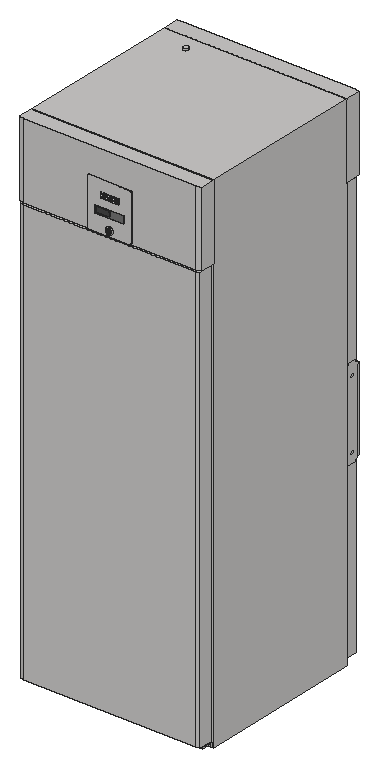
Revit family "QF_ZANUSSI_110883_ZRI075R2FGT", category Specialty Equipment, Revit 2018
Family settings
  Round Connector Dimension = Use Diameter
  Part Type = Normal
  Work Plane-Based = No
  Always vertical = Yes
  Cut with Voids When Loaded = No
  Shared = No
  Room Calculation Point = No
Parameters (values of type "Standard")
  Weight = 145.00 kg
  Watts = 34.3741 W
  Volts = 220 V
  URL Manufacturer = "http://www.zanussiprofessional.com"
  URL = "http://www.zanussiprofessional.com"
  Steam Supply Size = 0 mm
  Steam Supply Minimum Pressure = 0.0 Pa
  Steam Supply Maximum Pressure = 0.0 Pa
  Steam Pounds per Hour = 0
  Refrigeration Suction Line Size = 0 mm
  Refrigeration Liquid Line Size = 0 mm
  Refrigerant Compressor Remote = yes
  Manufacturer = "Zanussi"
  Phase = 1
  Model = "ZRI075R2FGT"
  Length Actual = 750 mm  # constant formula
  Item Number = "110883"
  Hot Water Size = 0 mm
  Height Actual = 2101 mm  # constant formula
  HP = "0.5 HP"
  Gas Size = 0 mm
  Gas KW = 0
  Gas Input Pressure = 0 W
  Description = "1-FULL+1GLASS DOOR ROLL-THRU REFRIGERATOR 750 LT+2°C R290"
  Depth Actual = 832 mm  # constant formula
  Cycle = 50 Hz
  Condensate Return Size = 0 mm
  Compressed Air Volume = 0.0 L/s
  Compressed Air Size = 0 mm
  Compressed Air Pressure = 0.0 Pa
  Cold Water Size = 0 mm
  Accessory = yes
Types (2, lengths in mm): name | URL | Manufacturer | Phase | Model | Description
  (no name) | 0 | 0 | 0 | 0 | 0
  Standard | "http://www.zanussiprofessional.com" | "Zanussi" | 1 | "ZRI075R2FGT" | "1-FULL+1GLASS DOOR ROLL-THRU REFRIGERATOR 750 LT+2°C R290"
Values of the unnamed type that differ from the named types
  Watts = 0 W
  Volts = 0 V
  URL Manufacturer = ""
  Item Number = ""
  HP = ""
  Cycle = 0 Hz
Reference planes
  plane 1: z = 0
  plane 2 "Center (Left/Right)": x = 0
  plane 3 "TOP": z = 2101
  plane 4 "FRONT": y = -480
  plane 5 "LEFT": x = -375
  plane 6 "RIGHT": x = 375
  plane 7 "BACK": y = 352
  plane 8 "Center (Front/Back)": y = -64
Forms (mm)
  Extrusion 1, solid, material "QF_Finishes_Stainless Steel"
    sketch origin (0, 0, 0) x (1, 0, 0) y (0, 1, 0)
      loop
        line (-375, 280) -> (-375, -408) -> (375, -408) -> (375, 280) -> (-375, 280)
    from 0 to 2101
  Extrusion 2, solid, material "QF_Clearances", detail levels coarse
    sketch origin (0, 0, 2101) x (-1, 0, 0) y (0, -1, 0)
      loop
        line (425, 480) -> (-425, 480) -> (-425, -352) -> (425, -352) -> (425, 480)
    from 0 to 500
  Extrusion 3, solid, material "QF_Clearances", detail levels coarse
    sketch origin (0, 0, 0) x (1, 0, 0) y (0, 1, 0)
      loop
        line (-425, 352) -> (-425, -480) -> (-375, -480) -> (-375, 352) -> (-425, 352)
      loop
        line (425, 352) -> (375, 352) -> (375, -480) -> (425, -480) -> (425, 352)
    from 0 to 2101
  Extrusion 4, void
    sketch origin (0, 408, 0) x (-1, 0, 0) y (0, 0, 1)
      loop
        line (315, 1738.5) -> (-315, 1738.5) -> (-315, 25) -> (315, 25) -> (315, 1738.5)
    from -128 to -816
  Extrusion 5, solid, material "QF_Finishes_Stainless Steel"
    sketch origin (0, 0, 2101) x (-1, 0, 0) y (0, -1, 0)
      loop
        circle (235, -212) r 10
    from 5 to 0
Cuts and joins
  joined: Extrusion 2, Extrusion 3
  Extrusion 4 cuts Extrusion 1
Lines and regions (mm)
  symbolic lines, style "QF_Clearances", detail levels coarse
    curve 1: line (-375, -480, 2101) -> (-425, -480, 2101)
    curve 2: line (-425, -480, 2101) -> (-425, 352, 2101)
    curve 3: line (-425, 352, 2101) -> (-375, 352, 2101)
    curve 4: line (425, 352, 2101) -> (425, -480, 2101)
    curve 5: line (425, -480, 2101) -> (375, -480, 2101)
    curve 6: line (-375, -480, 2101) -> (-375, 352, 2101)
    curve 7: line (375, 352, 2101) -> (375, -480, 2101)
    curve 8: line (375, 352, 2101) -> (425, 352, 2101)
  symbolic lines
    curve 9: circle (-235, 212, 2101) r 10 normal (0, 0, 1)
Dimensions and locks
  equal spacing: plane 5 "LEFT", plane 2 "Center (Left/Right)", plane 6 "RIGHT"
  plane 5 "LEFT" to plane 6 "RIGHT" = 750 mm
  plane 3 "TOP" to plane 1 = 2101 mm
  equal spacing: plane 6 "RIGHT", plane 2 "Center (Left/Right)", plane 5 "LEFT"
  cut or joined group of Extrusion 1, Extrusion 4 to cut or joined group of Extrusion 1, Extrusion 4 = 630 mm
  nested 1 to nested 1 = 16 mm
  cut or joined group of Extrusion 2, Extrusion 3 to plane 5 "LEFT" = 50 mm
  cut or joined group of Extrusion 1, Extrusion 4 to cut or joined group of Extrusion 2, Extrusion 3 = 50 mm
  equal spacing: plane 4 "FRONT", plane 8 "Center (Front/Back)", plane 7 "BACK"
  plane 4 "FRONT" to plane 7 "BACK" = 832 mm
  nested 3 to nested 1 = 820 mm
  nested 3 to nested 1 = 1505 mm
  nested 3 to nested 1 = 1504 mm
  nested 3 to nested 1 = 2189 mm
  cut or joined group of Extrusion 2, Extrusion 3 to plane 3 "TOP" = 500 mm
  aligned and locked: level to plane 1
Automatic sketch dimensions
  Extrusion 1 sketch curve to plane 5 "LEFT" = 0 mm
  Extrusion 1 sketch curve to plane 6 "RIGHT" = 0 mm
  plane 4 "FRONT" to Extrusion 1 sketch curve = 72 mm
  level to Extrusion 4 sketch curve = 25 mm
  plane 6 "RIGHT" to Extrusion 4 sketch curve = 60 mm
  plane 5 "LEFT" to Extrusion 4 sketch curve = 60 mm
  Extrusion 4 sketch curve to plane 3 "TOP" = 362.5 mm
  plane 7 "BACK" to Extrusion 3 sketch curve = 0 mm  (x2)
  Extrusion 3 sketch curve to plane 4 "FRONT" = 0 mm  (x2)
  Extrusion 3 sketch curve to plane 5 "LEFT" = 0 mm
  Extrusion 3 sketch curve to plane 6 "RIGHT" = 0 mm
  Extrusion 3 sketch curve to plane 5 "LEFT" = 50 mm
  Extrusion 3 sketch curve to plane 6 "RIGHT" = 50 mm
  plane 7 "BACK" to Extrusion 2 sketch curve = 0 mm
  Extrusion 2 sketch curve to Extrusion 2 sketch curve = 850 mm
  Extrusion 2 sketch curve to plane 4 "FRONT" = 0 mm
  Extrusion 2 sketch curve to plane 6 "RIGHT" = 50 mm
  plane 7 "BACK" to Extrusion 1 sketch curve = 72 mm
  plane 5 "LEFT" to Extrusion 5 sketch curve = 140 mm
  plane 7 "BACK" to Extrusion 5 sketch curve = 140 mm
  curve 5 to plane 4 "FRONT" = 0 mm
  plane 7 "BACK" to curve 8 = 0 mm
  curve 8 to plane 6 "RIGHT" = 0 mm
  curve 1 to plane 4 "FRONT" = 0 mm
  curve 1 to plane 5 "LEFT" = 0 mm
  plane 7 "BACK" to curve 2 = 0 mm
  curve 4 to plane 6 "RIGHT" = 50 mm
  plane 5 "LEFT" to curve 9 = 140 mm
  curve 1 to curve 1 = 50 mm
  plane 7 "BACK" to curve 9 = 140 mm
  radius of Extrusion 5 sketch curve = 10 mm
  radius of curve 9 = 10 mm
Nested families
  nested 1: "QF_110883_Door" at (0, -408, 1050.5) x (1, 0, 0) z (0, -1, 0), type "QF_110883_Door"
    with Show Clearance yes
  nested 2: "Refrigerator" at (370, -442.5, 110), type "Refrigerator"
  nested 3: "QF_110883_GlassDoor" at (0, 280, 1050.5) x (-1, 0, 0) z (0, 1, 0), type "QF_110883_GlassDoor"
    with Show Clearance yes
Connectors
  electrical at (-235, 212, 2106), driven by "Volts"
    settings: on Extrusion 5, index 3, voltage 220 V, apparent load 0 VA, apparent load phase1 0 VA, apparent load phase2 0 VA, apparent load phase3 0 VA, power factor 1, load classification "Other", number of poles 1, system type 30, power factor state 1, is connector primary yes, connector utility no, sub classification motor no, connector description "Electrical Connection"
Definition of nested family "QF_110883_Door"
  Parameters
    Show Clearance [instance] = yes
    Model = "110883"
    Default Elevation = 1219.2 mm
  Reference planes
    plane 1 "Center (Front/Back)": y = 0
    plane 2: z = 0
    plane 3 "Center (Left/Right)": x = 0
  Forms (mm)
    Extrusion 1, solid
      sketch origin (0, -919.2, 0) x (1, 0, 0) y (0, 1, 0)
        loop
          line (-740, 2119.2) -> (-740, -324.806) -> (846.344, -324.806) -> (846.344, 2119.2) -> (-740, 2119.2)
      from 0 to -59.546
    Extrusion 2, solid
      sketch origin (0, 0, 0) x (1, 0, 0) y (0, 0, 1)
        loop
          line (-375, 60.667) -> (-375, 0) -> (375, 0) -> (375, 60.667) -> (355, 66) -> (-355, 66) -> (-375, 60.667)
      from -1050.5 to -740.5
    Extrusion 3, solid
      sketch origin (0, 0, 0) x (1, 0, 0) y (0, 0, 1)
        loop
          line (-370, 62) -> (-370, 26) -> (-348, 26) -> (-348, 8) -> (-330, 8) -> (-330, 0) -> (362, 0) -> (362, 8) -> (370, 8) -> (370, 62) -> (355, 66) -> (-355, 66) -> (-370, 62)
      from -733.5 to 1025.5
    Extrusion 4, solid
      sketch origin (147, -711.5, 0) x (0, 1, 0) y (0, 0, 1)
        loop
          line (-323.003, 40.312) -> (-316.501, 40.312) -> (-316.501, 42.812) -> (-325.503, 42.812) -> (-325.503, 2.5) -> (-339, 2.5) -> (-339, 0) -> (-323.003, 0) -> (-323.003, 12.259) -> (-323.003, 40.312)
        loop
          line (-314, 38.311) -> (-316.501, 38.311) -> (-316.501, 14.304) -> (-319.752, 14.304) -> (-319.752, 11.804) -> (-314, 11.804) -> (-314, 38.311)
      from 185 to 220
    Extrusion 5, solid
      sketch origin (147, 499.597, 0) x (0, 1, 0) y (0, 0, 1)
        loop
          line (233.903, 27.948) -> (233.903, 2.948) -> (233.903, 0) -> (240.903, 0) -> (240.903, 2.5) -> (236.403, 2.5) -> (236.403, 27.948) -> (233.903, 27.948)
      from 185 to 220
    Extrusion 6, solid, detail levels coarse
      sketch origin (24, 1013.369, -334) x (-1, 0, 0) y (0, 0, -1)
        loop
          line (-367, -352) -> (-367, -1084) -> (-329, -1084) -> (-329, -1062) -> (-311, -1062) -> (-311, -1044) -> (-303, -1044) -> (-303, -400) -> (-351, -400) -> (-351, -352) -> (-367, -352)
      from 2038.869 to 279.869
    Extrusion 7, solid, detail levels coarse
      sketch origin (41, 1123.369, -334) x (1, 0, 0) y (0, 0, 1)
        loop
          line (286, 400) -> (286, 1044) -> (294, 1044) -> (294, 1062) -> (312, 1062) -> (312, 1084)
          arc (312, 1084) -> (-184.675, 884.882) -> (-411, 400) r 727.877
          line (-411, 400) -> (286, 400)
      from 2148.869 to 389.869
  Lines and regions (mm)
    symbolic lines
      curve 1: line (-375, 0, 0) -> (-375, 0, 60.667)
      curve 2: line (375, 0, 0) -> (-375, 0, 0)
      curve 3: line (391, 0, 18) -> (391, 0, 750)
      curve 4: line (327, 0, 66) -> (327, 0, 710)
      curve 5: line (391, 0, 750) -> (353, 0, 750)
      curve 6: line (353, 0, 728) -> (353, 0, 750)
      curve 7: line (335, 0, 728) -> (353, 0, 728)
      curve 8: line (335, 0, 710) -> (335, 0, 728)
      curve 9: line (327, 0, 710) -> (335, 0, 710)
      curve 10: line (375, 0, 18) -> (391, 0, 18)
      curve 11: arc (353, 0, 750) -> (-143.675, 0, 550.882) -> (-370, 0, 66) r 727.877
      curve 12: line (375, 0, 0) -> (375, 0, 60.667)
      curve 13: line (-355, 0, 66) -> (-375, 0, 60.667)
      curve 14: line (355, 0, 66) -> (-355, 0, 66)
      curve 15: line (375, 0, 60.667) -> (355, 0, 66)
  Dimensions and locks
    Extrusion 4 to Extrusion 2 = 2101 mm
    Extrusion 3 to Extrusion 3 = 740 mm
    aligned and locked: plane 2 to Extrusion 1
    aligned and locked: level to Extrusion 1
  Nested families
    nested 1: "QF_DisplayNewRollCabinets_ZAN" at (0, 840.5, 66), type "QF_DisplayNewRollCabinets_ZAN"
      with Show Clearance yes
  Definition of nested family "QF_DisplayNewRollCabinets_ZAN"
    Parameters
      Show Clearance [instance] = yes
      Model = "728658"
      Default Elevation = 1219.2 mm
    Reference planes
      plane 1 "Center (Front/Back)": y = 0
      plane 2: z = 0
      plane 3 "Center (Left/Right)": x = 0
    Forms (mm)
      Extrusion 1, solid
        sketch origin (0, -919.2, 0) x (1, 0, 0) y (0, 1, 0)
          loop
            line (-198.75, 1146.2) -> (-198.75, 709.567) -> (165.741, 709.567) -> (165.741, 1146.2) -> (-198.75, 1146.2)
        from 0 to -59.546
      Extrusion 2, solid
        sketch origin (-59, -79.611, 0) x (0, 1, 0) y (-1, 0, 0)
          loop
            circle (0.611, -59) r 14
          loop
            circle (0.611, -59) r 10
        from 1.6 to 6
      Extrusion 3, solid
        sketch origin (744.635, 285.889, 0) x (0, 1, 0) y (-1, 0, 0)
          loop
            circle (-364.889, 744.635) r 10
          loop
            circle (-364.889, 744.635) r 9
        from 1.6 to 6
      Extrusion 4, solid
        sketch origin (744.635, 285.889, 0) x (0, 1, 0) y (-1, 0, 0)
          loop
            circle (-364.889, 744.635) r 8.7
        from 1.6 to 6
      Extrusion 5, void
        sketch origin (744.635, 285.889, 0) x (0, 1, 0) y (-1, 0, 0)
          loop
            line (-372.339, 745.885) -> (-372.339, 743.385) -> (-362.339, 743.385) -> (-362.339, 745.885) -> (-372.339, 745.885)
        from 3 to 7
      Extrusion 6, solid
        sketch origin (0, 0, 0) x (1, 0, 0) y (0, 1, 0)
          loop
            arc (-90, -95) -> (-88.536, -98.536) -> (-85, -100) r 5
            line (-85, -100) -> (85, -100)
            arc (85, -100) -> (88.536, -98.536) -> (90, -95) r 5
            line (90, -95) -> (90, 95)
            arc (90, 95) -> (88.536, 98.536) -> (85, 100) r 5
            line (85, 100) -> (-85, 100)
            arc (-85, 100) -> (-88.536, 98.536) -> (-90, 95) r 5
            line (-90, 95) -> (-90, -95)
          loop
            line (-60, -3.798) -> (-60, -32.827) -> (60, -32.827) -> (60, -3.798) -> (-60, -3.798)
        from 0 to 1.6
      Extrusion 7, solid
        sketch origin (0, 0, 0) x (1, 0, 0) y (0, 1, 0)
          loop
            line (-60, -3.798) -> (-60, -32.827) -> (60, -32.827) -> (60, -3.798) -> (-60, -3.798)
          loop
            line (-56.428, -8.037) -> (-56.428, -28.331) -> (0, -28.331) -> (0, -8.037) -> (-56.428, -8.037)
        from 0 to 1.6
      Extrusion 8, solid
        sketch origin (0, 0, 0) x (1, 0, 0) y (0, 1, 0)
          loop
            line (-56.428, -8.037) -> (-56.428, -28.331) -> (0, -28.331) -> (0, -8.037) -> (-56.428, -8.037)
        from 0 to 1.6
      Extrusion 9, solid
        sketch origin (0, 15, 0) x (1, 0, 0) y (0, 1, 0)
          loop
            line (-24.658, 16.724) -> (-24.658, 20.689) -> (-30.605, 20.689) -> (-24.658, 32.81) -> (-24.658, 36.095) -> (-34.514, 36.095) -> (-34.514, 32.47) -> (-29.303, 32.583) -> (-34.967, 20.689) -> (-34.967, 16.724) -> (-24.658, 16.724)
          loop
            line (-18.968, 23.974) -> (-16.702, 23.974) -> (-17.835, 32.784) -> (-18.968, 23.974)
          loop
            line (-19.988, 16.724) -> (-19.421, 20.462) -> (-16.136, 20.462) -> (-15.57, 16.724) -> (-11.491, 16.724) -> (-15.116, 36.095) -> (-20.554, 36.095) -> (-24.066, 16.724) -> (-19.988, 16.724)
          loop
            line (-10.989, 36.095) -> (-10.989, 16.724) -> (-7.478, 16.724) -> (-7.478, 29.525) -> (-4.192, 16.724) -> (0.113, 16.724) -> (0.113, 36.095) -> (-3.512, 36.095) -> (-3.512, 23.747) -> (-6.798, 36.095) -> (-10.989, 36.095)
          loop
            arc (1.019, 21.515) -> (5.865, 16.692) -> (11.328, 20.802) r 5.22
            line (11.328, 20.802) -> (11.328, 36.095) -> (7.363, 36.095) -> (7.363, 21.708)
            arc (7.363, 21.708) -> (6.321, 20.507) -> (4.984, 21.368) r 1.214
            line (4.984, 21.368) -> (4.984, 36.095) -> (1.019, 36.095) -> (1.019, 21.515)
          loop
            line (18.691, 29.978) -> (22.43, 29.978) -> (22.491, 31.739)
            arc (22.491, 31.739) -> (22.231, 33.702) -> (20.999, 35.254) r 3.719
            arc (20.999, 35.254) -> (17.381, 36.433) -> (13.762, 35.254) r 6.139
            arc (13.762, 35.254) -> (12.287, 32.389) -> (12.47, 29.172) r 6.125
            arc (12.47, 29.172) -> (13.682, 27.393) -> (15.169, 25.838) r 13.068
            line (15.169, 25.838) -> (16.84, 24.357)
            arc (16.84, 24.357) -> (17.826, 23.519) -> (18.593, 22.477) r 5.571
            arc (18.593, 22.477) -> (18.403, 20.654) -> (16.617, 20.247) r 1.573
            arc (16.617, 20.247) -> (16.079, 20.792) -> (15.849, 21.521) r 1.631
            arc (15.849, 21.521) -> (15.831, 22.035) -> (15.849, 22.549) r 7.441
            arc (15.849, 22.549) -> (15.866, 23.035) -> (15.849, 23.521) r 7.03
            line (15.849, 23.521) -> (11.894, 23.521)
            arc (11.894, 23.521) -> (11.932, 20.748) -> (13.025, 18.199) r 7.131
            arc (13.025, 18.199) -> (18.19, 16.728) -> (22.54, 19.877) r 6.148
            arc (22.54, 19.877) -> (22.619, 23.128) -> (21.224, 26.067) r 7.021
            line (21.224, 26.067) -> (16.879, 29.978)
            arc (16.879, 29.978) -> (16.291, 30.717) -> (15.976, 31.606) r 2.858
            arc (15.976, 31.606) -> (17.094, 33.203) -> (18.691, 32.085) r 1.379
            line (18.691, 32.085) -> (18.691, 29.978)
          loop
            line (29.989, 29.978) -> (33.728, 29.978) -> (33.789, 31.739)
            arc (33.789, 31.739) -> (33.529, 33.702) -> (32.297, 35.254) r 3.719
            arc (32.297, 35.254) -> (28.679, 36.433) -> (25.061, 35.254) r 6.139
            arc (25.061, 35.254) -> (23.585, 32.389) -> (23.768, 29.172) r 6.125
            arc (23.768, 29.172) -> (24.98, 27.393) -> (26.468, 25.838) r 13.068
            line (26.468, 25.838) -> (28.138, 24.357)
            arc (28.138, 24.357) -> (29.125, 23.519) -> (29.892, 22.477) r 5.571
            arc (29.892, 22.477) -> (29.702, 20.654) -> (27.915, 20.247) r 1.573
            arc (27.915, 20.247) -> (27.378, 20.792) -> (27.147, 21.521) r 1.631
            arc (27.147, 21.521) -> (27.13, 22.035) -> (27.147, 22.549) r 7.441
            arc (27.147, 22.549) -> (27.164, 23.035) -> (27.147, 23.521) r 7.03
            line (27.147, 23.521) -> (23.192, 23.521)
            arc (23.192, 23.521) -> (23.231, 20.748) -> (24.324, 18.199) r 7.131
            arc (24.324, 18.199) -> (29.488, 16.728) -> (33.838, 19.877) r 6.148
            arc (33.838, 19.877) -> (33.917, 23.128) -> (32.523, 26.067) r 7.021
            line (32.523, 26.067) -> (28.177, 29.978)
            arc (28.177, 29.978) -> (27.589, 30.717) -> (27.274, 31.606) r 2.858
            arc (27.274, 31.606) -> (28.393, 33.203) -> (29.989, 32.085) r 1.379
            line (29.989, 32.085) -> (29.989, 29.978)
          loop
            line (34.551, 36.095) -> (34.551, 16.724) -> (38.516, 16.724) -> (38.516, 36.095) -> (34.551, 36.095)
        from 1.6 to 3.2
      Extrusion 10, solid
        sketch origin (0, 0, 0) x (1, 0, 0) y (0, 1, 0)
          loop
            line (1.25, -86.45) -> (1.25, -76.45) -> (-1.25, -76.45) -> (-1.25, -86.45) -> (1.25, -86.45)
        from 1.6 to 6
    Cuts and joins
      Extrusion 5 cuts Extrusion 4
    Lines and regions (mm)
      symbolic lines
        curve 1: line (52.518, 0, 4) -> (-53.037, 0, 4)
        curve 2: line (40, 0, 4) -> (40, 0, 6)
        curve 3: line (40, 0, 6) -> (-40, 0, 6)
        curve 4: line (-40, 0, 6) -> (-40, 0, 4)
        curve 5: line (-64.765, 0, 0) -> (-53.037, 0, 4)
        curve 6: line (52.518, 0, 4) -> (64.135, 0, 0)
    Dimensions and locks
      aligned and locked: plane 2 to Extrusion 1
      aligned and locked: level to Extrusion 1
Definition of nested family "QF_110883_GlassDoor"
  Parameters
    Show Clearance [instance] = yes
    Model = "110883"
    Default Elevation = 1219.2 mm
  Reference planes
    plane 1 "Center (Front/Back)": y = 0
    plane 2: z = 0
    plane 3 "Center (Left/Right)": x = 0
  Forms (mm)
    Extrusion 1, solid
      sketch origin (0, -919.2, 0) x (1, 0, 0) y (0, 1, 0)
        loop
          line (-740, 2119.2) -> (-740, -324.806) -> (846.344, -324.806) -> (846.344, 2119.2) -> (-740, 2119.2)
      from 0 to -59.546
    Extrusion 2, solid
      sketch origin (0, 0, 0) x (1, 0, 0) y (0, 0, 1)
        loop
          line (-375, 60.667) -> (-375, 0) -> (375, 0) -> (375, 60.667) -> (355, 66) -> (-355, 66) -> (-375, 60.667)
      from -1050.5 to -740.5
    Extrusion 3, solid
      sketch origin (0, 0, 0) x (1, 0, 0) y (0, 0, 1)
        loop
          line (-370, 53) -> (-370, 8) -> (-348, 8) -> (-348, 0) -> (362, 0) -> (362, 8) -> (370, 8) -> (370, 53) -> (-370, 53)
      from -733.5 to 1025.5
    Extrusion 4, solid
      sketch origin (147, -711.5, 0) x (0, 1, 0) y (0, 0, 1)
        loop
          line (-323.003, 40.312) -> (-316.501, 40.312) -> (-316.501, 42.812) -> (-325.503, 42.812) -> (-325.503, 2.5) -> (-339, 2.5) -> (-339, 0) -> (-323.003, 0) -> (-323.003, 12.259) -> (-323.003, 40.312)
        loop
          line (-314, 38.311) -> (-316.501, 38.311) -> (-316.501, 14.304) -> (-319.752, 14.304) -> (-319.752, 11.804) -> (-314, 11.804) -> (-314, 38.311)
      from 185 to 220
    Extrusion 5, solid
      sketch origin (147, 499.597, 0) x (0, 1, 0) y (0, 0, 1)
        loop
          line (233.903, 27.948) -> (233.903, 2.948) -> (233.903, 0) -> (240.903, 0) -> (240.903, 2.5) -> (236.403, 2.5) -> (236.403, 27.948) -> (233.903, 27.948)
      from 185 to 220
    Extrusion 6, solid, detail levels coarse
      sketch origin (24, 1013.369, -334) x (-1, 0, 0) y (0, 0, -1)
        loop
          line (-367, -352) -> (-367, -1085) -> (-329, -1085) -> (-329, -1062) -> (-311, -1062) -> (-311, -1044) -> (-303, -1044) -> (-303, -387) -> (-351, -387) -> (-351, -352) -> (-367, -352)
      from 2038.869 to 279.869
    Extrusion 7, solid, detail levels coarse
      sketch origin (41, 1123.369, -334) x (1, 0, 0) y (0, 0, 1)
        loop
          line (286, 400) -> (286, 1044) -> (294, 1044) -> (294, 1062) -> (312, 1062) -> (312, 1085)
          arc (312, 1085) -> (-186.004, 886.559) -> (-411.055, 400) r 724.112
          line (-411.055, 400) -> (286, 400)
      from 2148.869 to 389.869
    Extrusion 8, void
      sketch origin (0, 0, 0) x (1, 0, 0) y (0, 0, 1)
        loop
          line (-325, 66) -> (-325, 0) -> (325, 0) -> (325, 66) -> (-325, 66)
      from -683.5 to 975.5
    Extrusion 9, solid
      sketch origin (0, 0, -13) x (1, 0, 0) y (0, 0, 1)
        loop
          line (-325, 66) -> (-325, 56) -> (325, 56) -> (325, 66) -> (-325, 66)
      from -683.5 to 975.5
    Extrusion 10, solid
      sketch origin (0, 0, 0) x (0, 1, 0) y (0, 0, 1)
        loop
          line (43.095, 67) -> (-300, 67) -> (-308.452, 48.874) -> (-318.452, 48.874) -> (-318.452, 13.874) -> (61.548, 13.874) -> (61.548, 48.874) -> (51.548, 48.874) -> (43.095, 67)
        loop
          circle (11.603, 32.256) r 5
        loop
          circle (-273.397, 32.256) r 5
        loop
          circle (11.603, 32.256) r 6
        loop
          circle (-273.397, 32.256) r 5.995
      from -368.4 to -370
    Extrusion 11, solid
      sketch origin (0, 0, 0) x (0, 1, 0) y (0, 0, 1)
        loop
          line (43.095, 67) -> (-300, 67) -> (-300.746, 65.4) -> (43.841, 65.4) -> (43.095, 67)
      from -370 to -355
    Extrusion 12, void
      sketch origin (0, 0, 0) x (0, 1, 0) y (0, 0, 1)
        loop
          line (-300.746, 65.4) -> (-308.452, 48.874) -> (-318.452, 48.874) -> (-318.452, 13.874) -> (61.548, 13.874) -> (61.548, 48.874) -> (51.548, 48.874) -> (43.841, 65.4) -> (-300.746, 65.4)
      from -370 to -368.4
  Cuts and joins
    Extrusion 8, Extrusion 12 cuts Extrusion 3
    Extrusion 8 cuts Extrusion 7
  Lines and regions (mm)
    symbolic lines
      curve 1: line (-355, 0, 66) -> (355, 0, 66)
      curve 2: line (-375, 0, 0) -> (-375, 0, 60.667)
      curve 3: line (375, 0, 0) -> (-375, 0, 0)
      curve 4: line (391, 0, 18) -> (391, 0, 751)
      curve 5: line (327, 0, 66) -> (327, 0, 710)
      curve 6: line (353, 0, 728) -> (353, 0, 751)
      curve 7: line (335, 0, 728) -> (353, 0, 728)
      curve 8: line (335, 0, 710) -> (335, 0, 728)
      curve 9: line (327, 0, 710) -> (335, 0, 710)
      curve 10: line (373.671, 0, 18) -> (391, 0, 18)
      curve 11: line (375, 0, 0) -> (375, 0, 60.667)
      curve 12: line (375, 0, 60.667) -> (355, 0, 66)
      curve 13: line (-355, 0, 66) -> (-375, 0, 60.667)
      curve 14: line (353, 0, 751) -> (391, 0, 751)
      curve 15: arc (353, 0, 751) -> (-144.641, 0, 552.903) -> (-370, 0, 67) r 724.112
  Dimensions and locks
    Extrusion 4 to Extrusion 2 = 2101 mm
    Extrusion 3 to Extrusion 3 = 740 mm
    aligned and locked: plane 2 to Extrusion 1
    aligned and locked: level to Extrusion 1
  Nested families
    nested 1: "QF_DisplayNewRollCabinets_ZAN" at (0, 840.5, 66), type "QF_DisplayNewRollCabinets_ZAN"
      with Show Clearance yes
  Definition of nested family "QF_DisplayNewRollCabinets_ZAN"
    Parameters
      Show Clearance [instance] = yes
      Model = "728658"
      Default Elevation = 1219.2 mm
    Reference planes
      plane 1 "Center (Front/Back)": y = 0
      plane 2: z = 0
      plane 3 "Center (Left/Right)": x = 0
    Forms (mm)
      Extrusion 1, solid
        sketch origin (0, -919.2, 0) x (1, 0, 0) y (0, 1, 0)
          loop
            line (-198.75, 1146.2) -> (-198.75, 709.567) -> (165.741, 709.567) -> (165.741, 1146.2) -> (-198.75, 1146.2)
        from 0 to -59.546
      Extrusion 2, solid
        sketch origin (-59, -79.611, 0) x (0, 1, 0) y (-1, 0, 0)
          loop
            circle (0.611, -59) r 14
          loop
            circle (0.611, -59) r 10
        from 1.6 to 6
      Extrusion 3, solid
        sketch origin (744.635, 285.889, 0) x (0, 1, 0) y (-1, 0, 0)
          loop
            circle (-364.889, 744.635) r 10
          loop
            circle (-364.889, 744.635) r 9
        from 1.6 to 6
      Extrusion 4, solid
        sketch origin (744.635, 285.889, 0) x (0, 1, 0) y (-1, 0, 0)
          loop
            circle (-364.889, 744.635) r 8.7
        from 1.6 to 6
      Extrusion 5, void
        sketch origin (744.635, 285.889, 0) x (0, 1, 0) y (-1, 0, 0)
          loop
            line (-372.339, 745.885) -> (-372.339, 743.385) -> (-362.339, 743.385) -> (-362.339, 745.885) -> (-372.339, 745.885)
        from 3 to 7
      Extrusion 6, solid
        sketch origin (0, 0, 0) x (1, 0, 0) y (0, 1, 0)
          loop
            arc (-90, -95) -> (-88.536, -98.536) -> (-85, -100) r 5
            line (-85, -100) -> (85, -100)
            arc (85, -100) -> (88.536, -98.536) -> (90, -95) r 5
            line (90, -95) -> (90, 95)
            arc (90, 95) -> (88.536, 98.536) -> (85, 100) r 5
            line (85, 100) -> (-85, 100)
            arc (-85, 100) -> (-88.536, 98.536) -> (-90, 95) r 5
            line (-90, 95) -> (-90, -95)
          loop
            line (-60, -3.798) -> (-60, -32.827) -> (60, -32.827) -> (60, -3.798) -> (-60, -3.798)
        from 0 to 1.6
      Extrusion 7, solid
        sketch origin (0, 0, 0) x (1, 0, 0) y (0, 1, 0)
          loop
            line (-60, -3.798) -> (-60, -32.827) -> (60, -32.827) -> (60, -3.798) -> (-60, -3.798)
          loop
            line (-56.428, -8.037) -> (-56.428, -28.331) -> (0, -28.331) -> (0, -8.037) -> (-56.428, -8.037)
        from 0 to 1.6
      Extrusion 8, solid
        sketch origin (0, 0, 0) x (1, 0, 0) y (0, 1, 0)
          loop
            line (-56.428, -8.037) -> (-56.428, -28.331) -> (0, -28.331) -> (0, -8.037) -> (-56.428, -8.037)
        from 0 to 1.6
      Extrusion 9, solid
        sketch origin (0, 15, 0) x (1, 0, 0) y (0, 1, 0)
          loop
            line (-24.658, 16.724) -> (-24.658, 20.689) -> (-30.605, 20.689) -> (-24.658, 32.81) -> (-24.658, 36.095) -> (-34.514, 36.095) -> (-34.514, 32.47) -> (-29.303, 32.583) -> (-34.967, 20.689) -> (-34.967, 16.724) -> (-24.658, 16.724)
          loop
            line (-18.968, 23.974) -> (-16.702, 23.974) -> (-17.835, 32.784) -> (-18.968, 23.974)
          loop
            line (-19.988, 16.724) -> (-19.421, 20.462) -> (-16.136, 20.462) -> (-15.57, 16.724) -> (-11.491, 16.724) -> (-15.116, 36.095) -> (-20.554, 36.095) -> (-24.066, 16.724) -> (-19.988, 16.724)
          loop
            line (-10.989, 36.095) -> (-10.989, 16.724) -> (-7.478, 16.724) -> (-7.478, 29.525) -> (-4.192, 16.724) -> (0.113, 16.724) -> (0.113, 36.095) -> (-3.512, 36.095) -> (-3.512, 23.747) -> (-6.798, 36.095) -> (-10.989, 36.095)
          loop
            arc (1.019, 21.515) -> (5.865, 16.692) -> (11.328, 20.802) r 5.22
            line (11.328, 20.802) -> (11.328, 36.095) -> (7.363, 36.095) -> (7.363, 21.708)
            arc (7.363, 21.708) -> (6.321, 20.507) -> (4.984, 21.368) r 1.214
            line (4.984, 21.368) -> (4.984, 36.095) -> (1.019, 36.095) -> (1.019, 21.515)
          loop
            line (18.691, 29.978) -> (22.43, 29.978) -> (22.491, 31.739)
            arc (22.491, 31.739) -> (22.231, 33.702) -> (20.999, 35.254) r 3.719
            arc (20.999, 35.254) -> (17.381, 36.433) -> (13.762, 35.254) r 6.139
            arc (13.762, 35.254) -> (12.287, 32.389) -> (12.47, 29.172) r 6.125
            arc (12.47, 29.172) -> (13.682, 27.393) -> (15.169, 25.838) r 13.068
            line (15.169, 25.838) -> (16.84, 24.357)
            arc (16.84, 24.357) -> (17.826, 23.519) -> (18.593, 22.477) r 5.571
            arc (18.593, 22.477) -> (18.403, 20.654) -> (16.617, 20.247) r 1.573
            arc (16.617, 20.247) -> (16.079, 20.792) -> (15.849, 21.521) r 1.631
            arc (15.849, 21.521) -> (15.831, 22.035) -> (15.849, 22.549) r 7.441
            arc (15.849, 22.549) -> (15.866, 23.035) -> (15.849, 23.521) r 7.03
            line (15.849, 23.521) -> (11.894, 23.521)
            arc (11.894, 23.521) -> (11.932, 20.748) -> (13.025, 18.199) r 7.131
            arc (13.025, 18.199) -> (18.19, 16.728) -> (22.54, 19.877) r 6.148
            arc (22.54, 19.877) -> (22.619, 23.128) -> (21.224, 26.067) r 7.021
            line (21.224, 26.067) -> (16.879, 29.978)
            arc (16.879, 29.978) -> (16.291, 30.717) -> (15.976, 31.606) r 2.858
            arc (15.976, 31.606) -> (17.094, 33.203) -> (18.691, 32.085) r 1.379
            line (18.691, 32.085) -> (18.691, 29.978)
          loop
            line (29.989, 29.978) -> (33.728, 29.978) -> (33.789, 31.739)
            arc (33.789, 31.739) -> (33.529, 33.702) -> (32.297, 35.254) r 3.719
            arc (32.297, 35.254) -> (28.679, 36.433) -> (25.061, 35.254) r 6.139
            arc (25.061, 35.254) -> (23.585, 32.389) -> (23.768, 29.172) r 6.125
            arc (23.768, 29.172) -> (24.98, 27.393) -> (26.468, 25.838) r 13.068
            line (26.468, 25.838) -> (28.138, 24.357)
            arc (28.138, 24.357) -> (29.125, 23.519) -> (29.892, 22.477) r 5.571
            arc (29.892, 22.477) -> (29.702, 20.654) -> (27.915, 20.247) r 1.573
            arc (27.915, 20.247) -> (27.378, 20.792) -> (27.147, 21.521) r 1.631
            arc (27.147, 21.521) -> (27.13, 22.035) -> (27.147, 22.549) r 7.441
            arc (27.147, 22.549) -> (27.164, 23.035) -> (27.147, 23.521) r 7.03
            line (27.147, 23.521) -> (23.192, 23.521)
            arc (23.192, 23.521) -> (23.231, 20.748) -> (24.324, 18.199) r 7.131
            arc (24.324, 18.199) -> (29.488, 16.728) -> (33.838, 19.877) r 6.148
            arc (33.838, 19.877) -> (33.917, 23.128) -> (32.523, 26.067) r 7.021
            line (32.523, 26.067) -> (28.177, 29.978)
            arc (28.177, 29.978) -> (27.589, 30.717) -> (27.274, 31.606) r 2.858
            arc (27.274, 31.606) -> (28.393, 33.203) -> (29.989, 32.085) r 1.379
            line (29.989, 32.085) -> (29.989, 29.978)
          loop
            line (34.551, 36.095) -> (34.551, 16.724) -> (38.516, 16.724) -> (38.516, 36.095) -> (34.551, 36.095)
        from 1.6 to 3.2
      Extrusion 10, solid
        sketch origin (0, 0, 0) x (1, 0, 0) y (0, 1, 0)
          loop
            line (1.25, -86.45) -> (1.25, -76.45) -> (-1.25, -76.45) -> (-1.25, -86.45) -> (1.25, -86.45)
        from 1.6 to 6
    Cuts and joins
      Extrusion 5 cuts Extrusion 4
    Lines and regions (mm)
      symbolic lines
        curve 1: line (52.518, 0, 4) -> (-53.037, 0, 4)
        curve 2: line (40, 0, 4) -> (40, 0, 6)
        curve 3: line (40, 0, 6) -> (-40, 0, 6)
        curve 4: line (-40, 0, 6) -> (-40, 0, 4)
        curve 5: line (-64.765, 0, 0) -> (-53.037, 0, 4)
        curve 6: line (52.518, 0, 4) -> (64.135, 0, 0)
    Dimensions and locks
      aligned and locked: plane 2 to Extrusion 1
      aligned and locked: level to Extrusion 1
Definition of nested family "Refrigerator"
  Reference planes
    plane 1 "Center (Front/Back)": y = 0
    plane 2: z = 0
    plane 3 "Center (Left/Right)": x = 0
  Lines and regions (mm)
    detail lines, in view "Ref. Level"
      curve 1: spline (-500, 190, 0) -> (-493.185, 166.706, 0) -> (-473.205, 145, 0) -> (-441.421, 126.36, 0) -> (-400, 112.058, 0) -> (-351.764, 103.067, 0) -> (-300, 100, 0) -> (-248.236, 103.067, 0) -> (-200, 112.058, 0) -> (-158.579, 126.36, 0) -> (-126.795, 145, 0) -> (-106.815, 166.706, 0) -> (-100, 190, 0) -> (-106.815, 213.294, 0) -> (-126.795, 235, 0) -> (-158.579, 253.64, 0) -> (-200, 267.942, 0) -> (-248.236, 276.933, 0) -> (-300, 280, 0) -> (-351.764, 276.933, 0) -> (-400, 267.942, 0) -> (-441.421, 253.64, 0) -> (-473.205, 235, 0) -> (-493.185, 213.294, 0) -> (-500, 190, 0)
      curve 2: line (-300, 130, 0) -> (-300, 250, 0)
      curve 3: line (-351.962, 220, 0) -> (-248.038, 160, 0)
      curve 4: line (-351.962, 160, 0) -> (-248.038, 220, 0)
      curve 5: line (-280.884, 246.873, 0) -> (-300, 225, 0)
      curve 6: line (-300, 225, 0) -> (-319.116, 246.873, 0)
      curve 7: line (-330.311, 207.5, 0) -> (-339.696, 234.992, 0)
      curve 8: line (-358.812, 201.882, 0) -> (-330.311, 207.5, 0)
      curve 9: line (-330.311, 172.5, 0) -> (-358.812, 178.118, 0)
      curve 10: line (-339.696, 145.008, 0) -> (-330.311, 172.5, 0)
      curve 11: line (-300, 155, 0) -> (-319.116, 133.127, 0)
      curve 12: line (-280.884, 133.127, 0) -> (-300, 155, 0)
      curve 13: line (-269.689, 172.5, 0) -> (-260.304, 145.008, 0)
      curve 14: line (-241.188, 178.118, 0) -> (-269.689, 172.5, 0)
      curve 15: line (-269.689, 207.5, 0) -> (-241.188, 201.882, 0)
      curve 16: line (-260.304, 234.992, 0) -> (-269.689, 207.5, 0)
